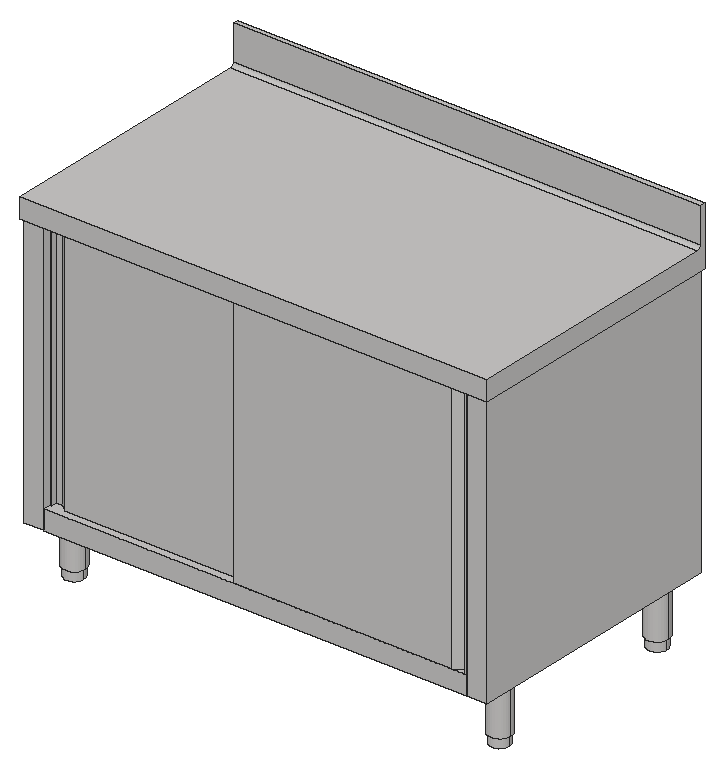
Revit family "QF_ZANUSSI_132863_MS1217N", category Attrezzature speciali, Revit 2020
Family settings
  Quota connettore circolare = Usa diametro
  Tipo di parte = Normale
  Basato su piano di lavoro = No
  Sempre verticale = Sì
  Taglio con vuoti quando caricato = No
  Condiviso = No
  Punto di calcolo locali = No
Parameters (values of type "Standard")
  Weight = 55.00 kg
  Watts = 0 W
  Volts = 0 V
  URL Manufacturer = "http://www.zanussiprofessional.com"
  URL = "http://www.zanussiprofessional.com"
  Steam Supply Size = 0 mm
  Steam Supply Minimum Pressure = 0.0 Pa
  Steam Supply Maximum Pressure = 0.0 Pa
  Steam Consumption per Hour = 0
  Refrigeration Suction Line Size = 0.0 mm
  Refrigeration Liquid Line Size = 0.0 mm
  Refrigerant Compressor Remote = yes
  Prospetto di default = 0.0 mm
  Produttore = "Zanussi"
  Phase = 0
  Modello = "MS1217N"
  Length Actual = 1200.0 mm  # constant formula
  Item Number = "132863"
  Hot Water Size = 0 mm
  Height Actual = 1000.0 mm  # constant formula
  HP = "0 HP"
  Gas Size = 0 mm
  Gas KW = 0
  Gas Input Pressure = 0 W
  Direct Waste Size = 0 mm
  Descrizione = "WORKTOP CUPBOARD WITH UPSTAND 1200MM"
  Depth Actual = 700.0 mm  # constant formula
  Cycle = 0 Hz
  Condensate Return Size = 0 mm
  Compressed Air Volume = 0.0 L/s
  Compressed Air Size = 0 mm
  Compressed Air Pressure = 0.0 Pa
  Cold Water Size = 0 mm
  Accessory = yes
Reference planes
  plane 1 "Center (Front/Back)": y = 0
  plane 2: z = 0
  plane 3 "Center (Left/Right)": x = -100
  plane 4 "LEFT": x = -700
  plane 5 "RIGHT": x = 500
  plane 6 "BACK": y = 350
  plane 7 "FRONT": y = -350
  plane 8 "Base": z = 850
  plane 9 "TOP": z = 900
  plane 10: x = -646.9
  plane 11: x = 446.9
  plane 12: y = 264.5
  plane 13: y = -241.9
  plane 14 "BodyLeft": x = -694.5
  plane 15 "BodyFront": y = -344.5
  plane 16 "BodyRight": x = 494.5
  plane 17 "BodyBack": y = 344.5
  plane 18 "FEET": z = 150
  plane 19: x = -44.5
  plane 20: x = -155.5
Forms (mm)
  Extrusion 1, solid, material "QF_Finishes_Stainless Steel"
    sketch origin (-100, 0, 0) x (0, 1, 0) y (0, 0, 1)
      loop
        line (-350, 850) -> (350, 850) -> (350, 1000) -> (337, 1000) -> (337, 910)
        arc (337, 910) -> (334.071, 902.929) -> (327, 900) r 10
        line (327, 900) -> (-350, 900) -> (-350, 850)
    from 600 to -600
  Extrusion 2, solid, material "QF_Finishes_Stainless Steel"
    sketch origin (0, 0, 150) x (-1, 0, 0) y (0, -1, 0)
      loop
        line (694.5, -344.5) -> (694.5, 344.5) -> (644.5, 344.5) -> (644.5, -344.5) -> (694.5, -344.5)
      loop
        line (-444.5, -344.5) -> (-444.5, 344.5) -> (-494.5, 344.5) -> (-494.5, -344.5) -> (-444.5, -344.5)
    from 0 to 700
  Extrusion 3, solid, material "QF_Finishes_Stainless Steel"
    sketch origin (0, 0, 150) x (-1, 0, 0) y (0, -1, 0)
      loop
        line (643.585, -344.5) -> (643.585, 344.5) -> (-444.5, 344.5) -> (-444.5, -344.5) -> (643.585, -344.5)
    from 0 to 50
  Extrusion 4, solid, material "QF_Finishes_Stainless Steel"
    sketch origin (0, 0, 150) x (-1, 0, 0) y (0, -1, 0)
      loop
        line (643.585, -344.5) -> (643.585, -294.5) -> (-444.5, -294.5) -> (-444.5, -344.5) -> (643.585, -344.5)
    from 50 to 700
  Extrusion 5, solid, material "QF_Finishes_Stainless Steel"
    sketch origin (0, 0, 150) x (-1, 0, 0) y (0, -1, 0)
      loop
        line (-444.5, 344.5) -> (-444.5, 324.5) -> (155.5, 324.5) -> (155.5, 344.5) -> (-404.5, 344.5) -> (-424.5, 329.5) -> (-439.5, 329.5) -> (-439.5, 344.5) -> (-444.5, 344.5)
    from 50 to 700
  Extrusion 6, solid, material "QF_Finishes_Stainless Steel"
    sketch origin (0, 20, 150) x (1, 0, 0) y (0, 1, 0)
      loop
        line (-644.5, -344.5) -> (-639.5, -344.5) -> (-639.5, -329.5) -> (-624.5, -329.5) -> (-604.5, -344.5) -> (-44.5, -344.5) -> (-44.5, -324.5) -> (-644.5, -324.5) -> (-644.5, -344.5)
    from 50 to 700
Lines and regions (mm)
  symbolic lines
    curve 1: line (500, 350, 900) -> (-700, 350, 900)
    curve 2: line (-700, 350, 900) -> (-700, -350, 900)
    curve 3: line (-700, -350, 900) -> (500, -350, 900)
    curve 4: line (500, -350, 900) -> (500, 350, 900)
    curve 5: line (-700, 337, 900) -> (500, 337, 900)
  symbolic lines, style "SpecialityEquipmentHiddenLines"
    curve 6: line (-694.5, -344.5, 150) -> (-694.5, 344.5, 150)
    curve 7: line (-694.5, 344.5, 150) -> (494.5, 344.5, 150)
    curve 8: line (494.5, 344.5, 150) -> (494.5, -344.5, 150)
    curve 9: line (494.5, -344.5, 150) -> (-694.5, -344.5, 150)
    curve 10: line (-644.5, -304.5, 150) -> (-44.5, -304.5, 150)
    curve 11: line (-44.5, -304.5, 150) -> (-44.5, -324.5, 150)
    curve 12: line (444.5, -324.5, 150) -> (-644.5, -324.5, 150)
    curve 13: line (-644.5, -324.5, 150) -> (-644.5, -304.5, 150)
    curve 14: line (-155.5, -344.5, 150) -> (-155.5, -324.5, 150)
Dimensions and locks
  plane 4 "LEFT" to plane 5 "RIGHT" = 1200.0 mm
  equal spacing: plane 4 "LEFT", plane 3 "Center (Left/Right)", plane 5 "RIGHT"
  locked: plane 8 "Base" to level at 850
  locked: Extrusion 1 to level at 1000
  plane 9 "TOP" to level = 900.0 mm
  plane 6 "BACK" to plane 7 "FRONT" = 700.0 mm
  equal spacing: plane 6 "BACK", plane 1 "Center (Front/Back)", plane 7 "FRONT"
  locked: plane 4 "LEFT" to plane 14 "BodyLeft" at 5.5
  locked: plane 16 "BodyRight" to plane 5 "RIGHT" at 5.5
  locked: plane 15 "BodyFront" to plane 7 "FRONT" at 5.5
  locked: plane 6 "BACK" to plane 17 "BodyBack" at 5.5
  locked: plane 14 "BodyLeft" to plane 10 at 47.6
  locked: plane 11 to plane 16 "BodyRight" at 47.6
  locked: plane 13 to plane 15 "BodyFront" at 102.6
  locked: plane 17 "BodyBack" to plane 12 at 80
  plane 10 to plane 11 = 1093.8 mm
  plane 12 to plane 13 = 506.4 mm
  locked: plane 14 "BodyLeft" to Extrusion 2 sketch curve at 50
  locked: Extrusion 2 sketch curve to Extrusion 2 sketch curve at 50
  Extrusion 3 to Extrusion 4 sketch curve = 50.0 mm
  Extrusion 2 to plane 19 = 600.0 mm
  plane 20 to Extrusion 2 = 600.0 mm
  locked: plane 18 "FEET" to level at 150
  aligned and locked: level to plane 2
  aligned and locked: plane 10 to nested 1
  aligned and locked: nested 1 to plane 13
  aligned and locked: plane 11 to nested 2
  aligned and locked: nested 2 to plane 13
  aligned and locked: plane 11 to nested 4
  aligned and locked: nested 4 to plane 12
  aligned and locked: plane 10 to nested 3
  aligned and locked: nested 3 to plane 12
  aligned and locked: Extrusion 1 to plane 4 "LEFT"
  aligned and locked: plane 5 "RIGHT" to Extrusion 1
  aligned and locked: curve 2 to plane 4 "LEFT"
  aligned and locked: plane 17 "BodyBack" to Extrusion 2 sketch curve
  aligned and locked: Extrusion 2 sketch curve to plane 15 "BodyFront"
  aligned and locked: Extrusion 2 sketch curve to plane 14 "BodyLeft"
  aligned and locked: plane 16 "BodyRight" to Extrusion 2 sketch curve
  aligned and locked: Extrusion 2 sketch curve to plane 17 "BodyBack"
  aligned and locked: plane 15 "BodyFront" to Extrusion 2 sketch curve
  aligned and locked: Extrusion 3 sketch curve to plane 17 "BodyBack"
  aligned and locked: plane 15 "BodyFront" to Extrusion 3 sketch curve
  aligned and locked: plane 8 "Base" to Extrusion 2
  aligned and locked: plane 8 "Base" to Extrusion 5
  aligned and locked: Extrusion 5 to Extrusion 3
  aligned and locked: Extrusion 6 sketch curve to plane 19
  aligned and locked: Extrusion 5 sketch curve to plane 20
  aligned and locked: curve 7 to plane 17 "BodyBack"
  aligned and locked: Extrusion 2 to plane 14 "BodyLeft"
  aligned and locked: plane 16 "BodyRight" to curve 8
  aligned and locked: plane 15 "BodyFront" to curve 9
Automatic sketch dimensions
  curve 3 to plane 7 "FRONT" = 0.0 mm
  curve 5 to plane 5 "RIGHT" = 0.0 mm
  curve 4 to plane 6 "BACK" = 0.0 mm
  curve 5 to plane 17 "BodyBack" = 7.5 mm
  Extrusion 1 sketch curve to plane 7 "FRONT" = 0.0 mm
  Extrusion 1 sketch curve to plane 9 "TOP" = 0.0 mm
  Extrusion 1 sketch curve to plane 6 "BACK" = 0.0 mm
  Extrusion 1 sketch curve to plane 8 "Base" = 0.0 mm
  Extrusion 1 sketch curve to plane 17 "BodyBack" = 17.5 mm
  Extrusion 1 sketch curve to plane 17 "BodyBack" = 7.5 mm
  Extrusion 1 sketch curve to Extrusion 1 sketch curve = 90.0 mm
  Extrusion 5 sketch curve to plane 15 "BodyFront" = 0.0 mm  (x2)
  Extrusion 5 sketch curve to plane 11 = 2.4 mm
  Extrusion 5 sketch curve to Extrusion 5 sketch curve = 5.0 mm
  Extrusion 5 sketch curve to Extrusion 5 sketch curve = 15.0 mm
  Extrusion 5 sketch curve to Extrusion 5 sketch curve = 20.0 mm
  plane 15 "BodyFront" to Extrusion 5 sketch curve = 15.0 mm
  plane 15 "BodyFront" to Extrusion 5 sketch curve = 20.0 mm
  Extrusion 6 sketch curve to plane 15 "BodyFront" = 20.0 mm  (x2)
  Extrusion 6 sketch curve to plane 10 = 2.4 mm
  Extrusion 6 sketch curve to Extrusion 6 sketch curve = 5.0 mm
  Extrusion 6 sketch curve to Extrusion 6 sketch curve = 15.0 mm
  Extrusion 6 sketch curve to Extrusion 6 sketch curve = 20.0 mm  (x2)
  Extrusion 6 sketch curve to plane 15 "BodyFront" = 35.0 mm
  Extrusion 3 sketch curve to plane 11 = 2.4 mm
  plane 10 to Extrusion 3 sketch curve = 3.315 mm
  Extrusion 4 sketch curve to plane 11 = 2.4 mm
  plane 10 to Extrusion 4 sketch curve = 3.315 mm
  curve 10 to plane 19 = 0.0 mm
  curve 14 to plane 20 = 0.0 mm
  curve 7 to plane 14 "BodyLeft" = 0.0 mm
  plane 10 to curve 13 = 2.4 mm
  curve 10 to curve 13 = 20.0 mm
  curve 12 to plane 11 = 2.4 mm
  plane 15 "BodyFront" to curve 14 = 20.0 mm
Nested families
  nested 1: "FEET_D58-150" at (-646.9, -241.9, 0), type "FEET_D58-150"
  nested 2: "FEET_D58-150" at (446.9, -241.9, 0), type "FEET_D58-150"
  nested 3: "FEET_D58-150" at (-646.9, 264.5, 0), type "FEET_D58-150"
  nested 4: "FEET_D58-150" at (446.9, 264.5, 0), type "FEET_D58-150"
Definition of nested family "FEET_D58-150"
  Parameters
    Default Elevation = 0.0 mm
    FEET = 150.0 mm
  Reference planes
    plane 1 "Center (Front/Back)": y = 0
    plane 2: z = 0
    plane 3 "Center (Left/Right)": x = 0
    plane 4: z = 150
  Forms (mm)
    Extrusion 1, solid
      sketch origin (0, 0, 0) x (1, 0, 0) y (0, 1, 0)
        loop
          circle (0, 0) r 25
      from 0 to 25
    Extrusion 2, solid
      sketch origin (0, 0, 0) x (1, 0, 0) y (0, 1, 0)
        loop
          circle (0.061, 0) r 29
      from 25 to 150 <- "FEET"
  Lines and regions (mm)
    symbolic lines
      curve 1: line (0, -1.503, 0) -> (0, 1.508, 0)
      curve 2: line (1.561, 0, 0) -> (-1.439, 0, 0)
  Dimensions and locks
    "FEET": plane 4 to plane 2
    aligned and locked: level to plane 2
  Automatic sketch dimensions
    plane 1 "Center (Front/Back)" to Extrusion 1 sketch curve = 0.0 mm
    Extrusion 1 sketch curve to plane 3 "Center (Left/Right)" = 0.0 mm
    plane 1 "Center (Front/Back)" to curve 2 = 0.0 mm
    curve 1 to plane 3 "Center (Left/Right)" = 0.0 mm
    curve 2 to plane 3 "Center (Left/Right)" = 1.439 mm
    plane 3 "Center (Left/Right)" to curve 2 = 1.561 mm
    plane 1 "Center (Front/Back)" to curve 1 = 1.503 mm
    curve 1 to plane 1 "Center (Front/Back)" = 1.508 mm
    plane 1 "Center (Front/Back)" to Extrusion 2 sketch curve = 0.0 mm
    plane 3 "Center (Left/Right)" to Extrusion 2 sketch curve = 0.061 mm
    radius of Extrusion 1 sketch curve = 25.0 mm
    radius of Extrusion 2 sketch curve = 29.0 mm
